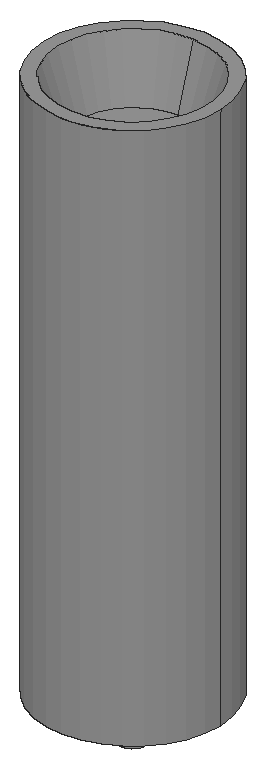
Revit family "2061010 Sylvania Lighting Fixture TubiXx LED surface 3000K black-gold", category Lighting Fixtures, host Face, Revit 2016
Family settings
  Host = Face
  Part Type = Normal
  Round Connector Dimension = Use Diameter
  OmniClass Number = 23.80.70.00
  OmniClass Title = Lighting
  Cut with Voids When Loaded = No
  Light Source = Yes
  Shared = No
  Room Calculation Point = No
Parameters (values of type "2061010 TUBIXX LED SURFACE 3000K BLACK-GOLD")
  Weight = "n/a"
  Wattage Comments = ""
  Wattage = 9.2903 W
  WarrantyStartDate [instance] = "n/a"
  WarrantyGuarantorParts = "n/a"
  WarrantyDurationUnit = "n/a"
  WarrantyDurationParts = ""
  WarrantyDescription = "http://www.sylvania-lighting.com"
  built-in parameter 1150110 = 1 (stored number, unit not read)
  Voltage = 0 V
  URL = "0.95"
  TypeName = "TubiXx LED surface 3000K black-gold"
  Type Image = <None>
  Type Comments = "n/a"
  Tube Recess = 28 mm
  Tube Diameter = 80 mm
  built-in parameter 1114217 = 1 (stored number, unit not read)
  Tilt Angle = 90.00°
  built-in parameter 1150109 = 1 (stored number, unit not read)
  built-in parameter 1150134 = 3
  built-in parameter 1150113 = 1 (stored number, unit not read)
  SerialNumber [instance] = "n/a"
  Photometric Web File = "2061010.ies"
  Material_3_FEILO = none
  PowerFactor = 0
  PowerConsumption = "Lighting"
  NominalLength = 0 mm
  NominalHeight = 0 mm
  NominalDepth = 0 mm
  Name = "TubiXx LED surface 3000K black-gold"
  ModelReference = Name  # "TubiXx LED surface 3000K black-gold"
  ModelNumber = "2061010"
  Model = Name  # "TubiXx LED surface 3000K black-gold"
  Material = "Feilo Sylvania"
  ManufacturerName = "88 lm/W"
  Manufacturer = ""
  LuminousEfficacy = ""
  built-in parameter 1150105 = 109.82 (stored number, unit not read)
  Lumens = 1380 lm
  LuminaireType = "0"
  built-in parameter 1150115 = 1 (stored number, unit not read)
  LightOutputRatio = "LED"
  built-in parameter 1150137 = (empty or 0)
  built-in parameter 1150139 = (empty or 0)
  LampsType = Lamp  # "n/a"
  LampNominalLuminous = "3000 K"
  LampMacAdamStep = "92"
  LampColourTemperature = "LED"
  LampColourRenderingIndex = "16500"
  built-in parameter 1150112 = 1 (stored number, unit not read)
  built-in parameter 1150114 = 1 (stored number, unit not read)
  Lamp = "n/a"
  Keynote = "n/a"
  InstallationDate [instance] = "n/a"
  InputVoltage = "0"
  InputNominalFrequency = "3000"
  built-in parameter 1150132 = (empty or 0)
  built-in parameter 1150102 = (empty or 0)
  built-in parameter 1150107 = 3200 (stored number, unit not read)
  built-in parameter 1150138 = (empty or 0)
  IngressProtection = "IfcLightFixtureType"
  ImpactProtectionIndex = "IfcLightFixtureType"
  built-in parameter 1150106 = 1.0982 (stored number, unit not read)
  IfcExportType = "IfcLightFixtureType"
  IfcExportAs = "Class I"
  Height = 250 mm
  ExpectedLife = 50000
  Emit from Circle Diameter = 609.6 mm
  Emit Shape Visible in Rendering = no
  ElectricShockClassification = "88"
  built-in parameter 1150104 = 13.8 (stored number, unit not read)
  DurationUnit = "hours"
  DocumentationLiterature = "http://www.sylvania-lighting.com/product/en-int/products/2061010"
  DimmingControlOptions = "n/a"
  Material_2_FEILO = none
  Dimming Lamp Color Temperature Shift = <None>
  Description = "TubiXx LED Surface Mounted is a decorative Surface Mounted fixture with integrated driver, equipped with an integrated non-dimmable LED driver, Black finish with Gold reflector, colour temperature 3000K, 14W, 1234lm, 88lm/W, IP20, IK02, Class I. Dimensions 250mmx80mm."
  Default Elevation = 1219.2 mm
  CreatedOn = "22/11/2019"
  CreatedBy = "@sylvania-lighting.com"
  Cost = 0
  Color Filter = 16777215
  built-in parameter 1114216 [instance] = (empty or 0)
  ClassificationValue = "EF_70_80"
  ClassificationName = "Uniclass2015"
  Material_1_FEILO = none
  Cable Clamp Height = 20 mm
  BarCode [instance] = "n/a"
  built-in parameter 1114218 = 1 (stored number, unit not read)
  built-in parameter 1150133 = 10 (stored number, unit not read)
  AssetType = "Fixed"
  AssetIdentifier [instance] = "n/a"
  Assembly Code = "D5020200"
  Apparent Load = 14 VA
  Material_4_FEILO = none
Reference planes
  plane 1 "Center (Front/Back)": y = 0
  plane 2: z = 0
  plane 3 "Center (Left/Right)": x = 0
  plane 4: x = 40
  plane 5: x = -40
  plane 6: y = 40
  plane 7: y = -40
  plane 8: z = 250
  plane 9: z = 0
  plane 10: z = 222
Forms (mm)
  Extrusion 1, solid, material "Aluminum", detail levels medium+fine
    sketch origin (4.2, 0, 0) x (1, 0, 0) y (0, 1, 0)
      loop
        circle (-4.2, 0) r 40
    from 0 to 250
  Blend 2, void
    base sketch origin (4.2, 0, 0) x (0, 1, 0) y (-1, 0, 0)
      loop
        circle (0, 4.2) r 25
    top sketch origin (4.2, 0, 0) x (0, 1, 0) y (-1, 0, 0)
      loop
        circle (0, 4.2) r 34
    from 222 to 250
  Extrusion 3, solid, material "Plastic, Opaque Black", detail levels fine
    sketch origin (3.621, -0.001, 0) x (0, 1, 0) y (1, 0, 0)
      loop
        circle (0.002, -3.635) r 6
    from 0 to 20
  Extrusion 4, solid, detail levels coarse
    sketch origin (4.2, 0, 0) x (0, 1, 0) y (1, 0, 0)
      loop
        line (39.967, 35.75) -> (-40.071, 35.75) -> (-40.071, -44.142) -> (39.967, -44.142) -> (39.967, 35.75)
    from -250 to 0
  Extrusion 5, solid, material "Glass, White, High Luminance", detail levels fine
    sketch origin (4.2, 0, 222) x (0, 1, 0) y (-1, 0, 0)
      loop
        circle (0.004, 4.166) r 25.024
    from 0 to 1
Cuts and joins
  Blend 2 cuts Extrusion 1
Dimensions and locks
  "Tube Diameter": plane 5 to plane 4
  equal spacing: plane 5, plane 3 "Center (Left/Right)", plane 4
  "Tube Diameter": plane 6 to plane 7
  equal spacing: plane 6, plane 1 "Center (Front/Back)", plane 7
  "Height": plane 8 to host face
  "Tube Recess": plane 8 to plane 10
  aligned and locked: plane 2 to host face
  aligned and locked: level to host face
Automatic sketch dimensions
  host sketch curve to host sketch curve = 2438.4 mm  (x2)
  plane 1 "Center (Front/Back)" to Extrusion 1 sketch curve = 0 mm
  Extrusion 1 sketch curve to plane 3 "Center (Left/Right)" = 0 mm
  plane 1 "Center (Front/Back)" to Blend 2 sketch curve = 0 mm  (x2)
  Blend 2 sketch curve to plane 3 "Center (Left/Right)" = 0 mm  (x2)
  Extrusion 4 sketch curve to Extrusion 4 sketch curve = 80.038 mm
  Extrusion 4 sketch curve to Extrusion 4 sketch curve = 79.892 mm
  radius of Extrusion 1 sketch curve = 40 mm
  radius of Blend 2 sketch curve = 25 mm
  radius of Blend 2 sketch curve = 34 mm
  radius of Extrusion 3 sketch curve = 6 mm
  radius of Extrusion 5 sketch curve = 25.024 mm
Connectors
  electrical at (-0.015, 0.001, -20)
    settings: on Extrusion 3, index 1, voltage 0 V, apparent load 0 VA, apparent load phase1 0 VA, apparent load phase2 0 VA, apparent load phase3 0 VA, power factor 1, load classification "Other", number of poles 1, system type 31, power factor state 1, is connector primary yes, connector utility no, sub classification motor no, connector description ""
  electrical at (0, 0, 250)
    settings: on cut or joined group of Extrusion 1, Blend 2, index 2, voltage 0 V, apparent load 0 VA, apparent load phase1 0 VA, apparent load phase2 0 VA, apparent load phase3 0 VA, power factor 1, load classification "Other", number of poles 1, system type 31, power factor state 1, is connector primary no, connector utility no, sub classification motor no, connector description ""
